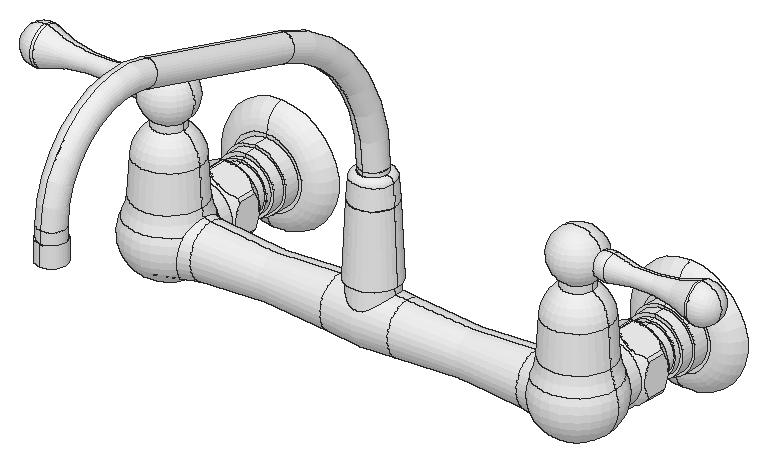
Revit family "Faucet-Two_Handle-American_Standard-Heritage-7298_Series", category Plumbing Fixtures, Revit 2015
Parameters (values of type "7298.152")
  Width = 0' - 2 3/4"
  Waste Connection = no
  WFU = 0
  Vent Connection = no
  URL = "http://www.americanstandard-us.com"
  Specification = "Wall-Mount Sink Faucet. 8\" tubular swivel spout. Brass Lever Handles. Less soap dish."
  Product URL = "https://www.americanstandard-us.com/bathroom/commercial-faucets/heritage-wall-mounted-faucet-with-swivel-spout-19895"
  Product Documentation Link = "https://www.americanstandard-us.com/-/media/sites/asus/files/product-specs/bulk/specsheet7298152.pdf?la=en"
  Porcelain Lever Handles = no
  Model = "7298.152"
  Material = "Metal-American Standard-002-Polished Chrome"
  Manufacturer = "American Standard"
  Length = 0' - 8"
  Hot Water Connection Diameter = 0' - 0 1/2"  # constant formula
  Height = 0' - 7"
  HWFU = 1.5
  HW Connection = yes
  Flow Rate = "1.5gmp/5.7L/min."
  Finish = Brass-American Standard-002-Polished Chrome
  Description = "Heritage Two-Handle Wall-Mounted Sink Faucet With Brass Spout."
  Default Elevation = 3' - 0"
  Cold Water Connection Diameter = 0' - 0 1/2"  # constant formula
  CWFU = 1.5
  CW Connection = yes
  Brass Lever Handles = yes
  Assembly Code = "D2020300"
  ADA Compliant = yes
Types (4): name | Specification | Product URL | Product Documentation Link | Porcelain Lever Handles | Model | Height | Flow Rate | Default Elevation | Brass Lever Handles
  (no name) | "Wall-Mount Sink Faucet. 8\" tubular swivel spout. Brass Lever Handles. Less soap dish." | "https://www.americanstandard-us.com/bathroom/commercial-faucets/heritage-wall-mounted-faucet-with-swivel-spout-19895" | "https://www.americanstandard-us.com/-/media/sites/asus/files/product-specs/bulk/specsheet7298152.pdf?la=en" | no | "7298.152" | 0' - 7" | "1.5gmp/5.7L/min." | 3' - 0" | yes
  7298.152 | "Wall-Mount Sink Faucet. 8\" tubular swivel spout. Brass Lever Handles. Less soap dish." | "https://www.americanstandard-us.com/bathroom/commercial-faucets/heritage-wall-mounted-faucet-with-swivel-spout-19895" | "https://www.americanstandard-us.com/-/media/sites/asus/files/product-specs/bulk/specsheet7298152.pdf?la=en" | no | "7298.152" | 0' - 7" | "1.5gmp/5.7L/min." | 3' - 0" | yes
  7298.252 | "Wall-Mount Sink Faucet. 8\" tubular swivel spout. Porcelain Lever Handles." | "https://www.americanstandard-us.com/kitchens/kitchen-faucets/heritage-2-handle-wall-mount-kitchen-faucet-16615" | "https://www.americanstandard-us.com/-/media/sites/asus/files/product-specs/bulk/specsheet7298252.pdf?la=en" | yes | "7298.252" | 0' - 7 3/8" | "2.2gmp/8.3L/min." | 0' - 0" | no
  7298.252.F15 | "Wall-Mount Sink Faucet. 8\" tubular swivel spout. Porcelain Lever Handles." | "https://www.americanstandard-us.com/kitchens/kitchen-faucets/heritage-2-handle-wall-mount-kitchen-faucet-16615" | "https://www.americanstandard-us.com/-/media/sites/asus/files/product-specs/bulk/specsheet7298252.pdf?la=en" | yes | "7298.252.F15" | 0' - 7 3/8" | "1.5gmp/5.7L/min." | 0' - 0" | no
Reference planes (in)
  plane 1 "Center (Front/Back)": y = 0
  plane 2: z = 0
  plane 3 "Center (Left/Right)": x = 0
  plane 4: y = 0
  plane 5: x = 4
  plane 6: x = -4
  plane 7: x = -6.8125
  plane 8: x = 6.8125
  plane 9: y = -2.75
  plane 10: y = -10.625
  plane 11: z = 39.4375
  plane 12: z = 38.4375
  plane 13: z = 4.375
  plane 14: z = 37.12314
  plane 15: y = -14.75
  plane 16: z = 7
  plane 17: z = 36
Forms (in)
  Revolve 1, solid, material "Brass-American Standard-002-Polished Chrome" <- "Finish"
    sketch origin (-0.05655, -2.75, 33.21807) x (-1, 0, 0) y (0, 0, 1)
      loop
        line (3.94345, 5.71302) -> (3.94345, 2.06684)
        arc (3.94345, 2.06684) -> (4.61211, 2.36475) -> (4.68283, 3.09334) r 0.72717
        arc (4.68283, 3.09334) -> (4.62113, 3.26088) -> (4.58614, 3.43595) r 1.14844
        line (4.58614, 3.43595) -> (4.54637, 4.14527)
        arc (4.54637, 4.14527) -> (4.45572, 4.44826) -> (4.23781, 4.67747) r 0.67996
        line (4.23781, 4.67747) -> (4.23781, 4.81966)
        arc (4.23781, 4.81966) -> (4.41709, 5.3739) -> (3.94345, 5.71302) r 0.49361
      axis (3.94345, 5.71302) -> (3.94345, 2.06684)
    angle from 0 to 360
  Revolve 2, solid, material "Brass-American Standard-002-Polished Chrome" <- "Finish", visible <- "Brass Lever Handles"
    sketch origin (0, -2.75, 33.21807) x (-1, 0, 0) y (0, 0, 1)
      loop
        line (4.27433, 5.21943) -> (6.8125, 5.21943)
        arc (6.8125, 5.21943) -> (6.69469, 5.49044) -> (6.41615, 5.58915) r 0.37061
        arc (6.41615, 5.58915) -> (6.39473, 5.58594) -> (6.37408, 5.5794) r 0.13707
        arc (6.37408, 5.5794) -> (5.54517, 5.38658) -> (4.69728, 5.45972) r 2.71623
        arc (4.69728, 5.45972) -> (4.43781, 5.42404) -> (4.27433, 5.21943) r 0.35304
      axis (4.27433, 5.21943) -> (6.8125, 5.21943)
    angle from 0 to 360
  Revolve 3, solid, material "Brass-American Standard-002-Polished Chrome" <- "Finish"
    sketch origin (-4, -17.63813, 33.21807) x (0, -1, 0) y (0, 0, 1)
      loop
        line (-15.42198, 2.78193) -> (-15.42198, 3.35217) -> (-15.72077, 3.35217)
        arc (-15.72077, 3.35217) -> (-15.78311, 3.41882) -> (-15.85996, 3.46805) r 0.36734
        line (-15.85996, 3.46805) -> (-16.21534, 3.46805)
        arc (-16.21534, 3.46805) -> (-16.29698, 3.42388) -> (-16.37045, 3.36716) r 0.57553
        line (-16.37045, 3.36716) -> (-16.37045, 3.22981) -> (-16.66412, 3.22981) -> (-16.66412, 3.27166) -> (-16.76497, 3.27166) -> (-16.76497, 3.3362) -> (-16.99096, 3.3362) -> (-16.99096, 3.39085) -> (-17.28208, 3.39085) -> (-17.28208, 3.46538)
        arc (-17.28208, 3.46538) -> (-17.39261, 3.73988) -> (-17.63813, 3.90507) r 0.50414
        line (-17.63813, 3.90507) -> (-17.63813, 2.78193) -> (-15.42198, 2.78193)
      axis (-15.42198, 2.78193) -> (-17.63813, 2.78193)
    angle from 0 to 360
  Revolve 4, solid, material "Brass-American Standard-002-Polished Chrome" <- "Finish"
    sketch origin (0, -2.75, 33.21807) x (1, 0, 0) y (0, 0, 1)
      loop
        line (0, 2.75013) -> (4, 2.75013) -> (4, 3.41749)
        arc (4, 3.41749) -> (3.59721, 3.31873) -> (3.18757, 3.25407) r 4.9431
        arc (3.18757, 3.25407) -> (1.92485, 3.17901) -> (0.66155, 3.24354) r 11.4628
        arc (0.66155, 3.24354) -> (0, 3.27872) -> (-0.66155, 3.24354) r 6.2387
        arc (-0.66155, 3.24354) -> (-1.92485, 3.17901) -> (-3.18757, 3.25407) r 11.4628
        arc (-3.18757, 3.25407) -> (-3.59721, 3.31873) -> (-4, 3.41749) r 4.9431
        line (-4, 3.41749) -> (-4, 2.75013) -> (0, 2.75013)
      axis (4, 2.75013) -> (-4, 2.75013)
    angle from 0 to 360
  Revolve 5, solid, material "Brass-American Standard-002-Polished Chrome" <- "Finish"
    sketch origin (0.05655, -2.75, 33.21807) x (1, 0, 0) y (0, 0, 1)
      loop
        line (3.94345, 5.71302) -> (3.94345, 2.06684)
        arc (3.94345, 2.06684) -> (4.61211, 2.36475) -> (4.68283, 3.09334) r 0.72717
        arc (4.68283, 3.09334) -> (4.62113, 3.26088) -> (4.58614, 3.43595) r 1.14844
        line (4.58614, 3.43595) -> (4.54637, 4.14527)
        arc (4.54637, 4.14527) -> (4.45572, 4.44826) -> (4.23781, 4.67747) r 0.67996
        line (4.23781, 4.67747) -> (4.23781, 4.81966)
        arc (4.23781, 4.81966) -> (4.41709, 5.3739) -> (3.94345, 5.71302) r 0.49361
      axis (3.94345, 5.71302) -> (3.94345, 2.06684)
    angle from 0 to 360
  Revolve 6, solid, material "Brass-American Standard-002-Polished Chrome" <- "Finish", visible <- "Brass Lever Handles"
    sketch origin (0, -2.75, 33.21807) x (1, 0, 0) y (0, 0, 1)
      loop
        line (4.27433, 5.21943) -> (6.8125, 5.21943)
        arc (6.8125, 5.21943) -> (6.69469, 5.49044) -> (6.41615, 5.58915) r 0.37061
        arc (6.41615, 5.58915) -> (6.39473, 5.58594) -> (6.37408, 5.5794) r 0.13707
        arc (6.37408, 5.5794) -> (5.54517, 5.38658) -> (4.69728, 5.45972) r 2.71623
        arc (4.69728, 5.45972) -> (4.43781, 5.42404) -> (4.27433, 5.21943) r 0.35304
      axis (4.27433, 5.21943) -> (6.8125, 5.21943)
    angle from 0 to 360
  Extrusion 7, void
    sketch origin (0, 0, 36) x (1, 0, 0) y (0, 0, 1)
      loop
        line (-4.00077, 0.70107) -> (-4.60973, 0.34949) -> (-4.60973, -0.35209) -> (-3.99946, -0.70443) -> (-3.38947, -0.35225) -> (-3.38947, 0.34813) -> (-4.00077, 0.70107)
      loop
        circle (-4, 0) r 0.78336
    from 1.91737 to 1.26768
  Revolve 8, solid, material "Brass-American Standard-002-Polished Chrome" <- "Finish"
    sketch origin (4, -17.63813, 33.21807) x (0, -1, 0) y (0, 0, -1)
      loop
        line (-15.42198, -2.78193) -> (-17.63813, -2.78193) -> (-17.63813, -3.90507)
        arc (-17.63813, -3.90507) -> (-17.39261, -3.73988) -> (-17.28208, -3.46538) r 0.50414
        line (-17.28208, -3.46538) -> (-17.28208, -3.39085) -> (-16.99096, -3.39085) -> (-16.99096, -3.3362) -> (-16.76497, -3.3362) -> (-16.76497, -3.27166) -> (-16.66412, -3.27166) -> (-16.66412, -3.22981) -> (-16.37045, -3.22981) -> (-16.37045, -3.36716)
        arc (-16.37045, -3.36716) -> (-16.29698, -3.42388) -> (-16.21534, -3.46805) r 0.57553
        line (-16.21534, -3.46805) -> (-15.85996, -3.46805)
        arc (-15.85996, -3.46805) -> (-15.78311, -3.41882) -> (-15.72077, -3.35217) r 0.36734
        line (-15.72077, -3.35217) -> (-15.42198, -3.35217) -> (-15.42198, -2.78193)
      axis (-15.42198, -2.78193) -> (-17.63813, -2.78193)
    angle from 0 to 360
  Extrusion 9, void
    sketch origin (0, 0, 36) x (-1, 0, 0) y (0, 0, -1)
      loop
        line (-4.00077, -0.70107) -> (-3.38947, -0.34813) -> (-3.38947, 0.35225) -> (-3.99946, 0.70443) -> (-4.60973, 0.35209) -> (-4.60973, -0.34949) -> (-4.00077, -0.70107)
      loop
        circle (-4, 0) r 0.78336
    from 1.91737 to 1.26768
  Revolve 10, solid, material "Brass-American Standard-002-Polished Chrome" <- "Finish"
    sketch origin (0, -2.75, 36) x (1, 0, 0) y (0, 0, 1)
      loop
        line (0, 0) -> (0.46964, 0)
        arc (0.46964, 0) -> (0.43648, 0.31331) -> (0.42155, 0.62801) r 5.42692
        line (0.42155, 0.62801) -> (0.48761, 0.62801) -> (0.41609, 1.99114) -> (0, 1.99114) -> (0, 0)
      loop
        line (0, 2.50553) -> (0, 2.00116) -> (0.41445, 2.00116) -> (0.39057, 2.38823)
        arc (0.39057, 2.38823) -> (0.35144, 2.4716) -> (0.26581, 2.50553) r 0.125
        line (0.26581, 2.50553) -> (0, 2.50553)
      axis (0, 2.50553) -> (0, 0)
    angle from 0 to 360
  Sweep 11, solid, material "Brass-American Standard-002-Polished Chrome" <- "Finish"
    path origin (0, -0.13999, 26.76451) x (0, -1, 0) y (0, 0, 1)
      loop
        line (10.48501, 13.79925) -> (10.48501, 14.22822)
        arc (10.48501, 14.22822) -> (9.77595, 15.63497) -> (8.22336, 15.90175) r 1.75
        line (8.22336, 15.90175) -> (4.87164, 14.87703)
        arc (4.87164, 14.87703) -> (3.2369, 13.72171) -> (2.61001, 11.82061) r 3.19607
        line (2.61001, 11.82061) -> (2.61001, 11.67299)
    profile origin (0, -6.68749, 42.1539) x (0, -0.292372, -0.956305) y (-1, 0, 0)
      loop
        circle (0, 0) r 0.25
  Revolve 12, solid, material "Brass-American Standard-002-Polished Chrome" <- "Finish"
    sketch origin (0, -2.74219, 35.92387) x (0, 1, 0) y (0, 0, 1)
      loop
        line (-7.875, 4.45113) -> (-7.875, 4.84728) -> (-8.15022, 4.84728) -> (-8.15022, 4.45113) -> (-7.875, 4.45113)
      axis (-7.875, 4.84728) -> (-7.875, 4.45113)
    angle from 0 to 360
  Revolve 13, solid, material "Brass-American Standard-002-Polished Chrome" <- "Finish", visible <- "Porcelain Lever Handles"
    sketch origin (-9.04169, -2.75, 35.88728) x (-1, 0, 0) y (0, 0, -1)
      loop
        line (-2.22919, -2.55022) -> (-4.85718, -2.55022) -> (-4.85718, -2.67855) -> (-4.60718, -2.67855)
        arc (-4.60718, -2.67855) -> (-4.46045, -2.70442) -> (-4.33142, -2.77892) r 0.429
        arc (-4.33142, -2.77892) -> (-4.27273, -2.8376) -> (-4.21405, -2.77892) r 0.05868
        line (-4.21405, -2.77892) -> (-3.87922, -2.77892)
        arc (-3.87922, -2.77892) -> (-3.3391, -2.83159) -> (-2.81933, -2.98763) r 2.79556
        arc (-2.81933, -2.98763) -> (-2.62171, -3.01531) -> (-2.43496, -2.94499) r 0.40382
        arc (-2.43496, -2.94499) -> (-2.28372, -2.77281) -> (-2.22919, -2.55022) r 0.48157
      axis (-4.85718, -2.55022) -> (-2.22919, -2.55022)
    angle from 0 to 360
  Revolve 14, solid, material "Brass-American Standard-002-Polished Chrome" <- "Finish", visible <- "Porcelain Lever Handles"
    sketch origin (9.04169, -2.75, 35.88728) x (1, 0, 0) y (0, 0, 1)
      loop
        arc (-2.22919, 2.55022) -> (-2.28372, 2.77281) -> (-2.43496, 2.94499) r 0.48157
        arc (-2.43496, 2.94499) -> (-2.62171, 3.01531) -> (-2.81933, 2.98763) r 0.40382
        arc (-2.81933, 2.98763) -> (-3.3391, 2.83159) -> (-3.87922, 2.77892) r 2.79556
        line (-3.87922, 2.77892) -> (-4.21405, 2.77892)
        arc (-4.21405, 2.77892) -> (-4.27273, 2.8376) -> (-4.33142, 2.77892) r 0.05868
        arc (-4.33142, 2.77892) -> (-4.46045, 2.70442) -> (-4.60718, 2.67855) r 0.429
        line (-4.60718, 2.67855) -> (-4.85718, 2.67855) -> (-4.85718, 2.55022) -> (-2.22919, 2.55022)
      axis (-4.85718, 2.55022) -> (-2.22919, 2.55022)
    angle from 0 to 360
Cuts and joins
  Extrusion 7, Extrusion 9 cuts Revolve 3
  Extrusion 9 cuts Revolve 8
Dimensions and locks (in)
  plane 9 to plane 10 = 0' - 7 7/8"
Connectors (in)
  piping at (4, 0, 36), diameter 0.5, driven by "CWFU", driven by "Cold Water Connection Diameter"
    settings: on cut or joined group of Revolve 8, Extrusion 9, index 1, connector inside diameter 24", connector length 0' - 0", flow factor 0, pipe flow 0 GPM, pressure drop 0.00 psi, fitting loss kfactor 0, connector angle 0.00°, fixture units 1.5, engagement length 0' - 0", angle of deflection 0.00°, flow configuration 3, flow direction 1, fitting loss method 0, system type 20, joint type 0, gender type 0, connector reference index -1, connector utility 0, adjustable connector no, is connector primary yes, connector description "1/2\" CW NPT Female Inlet Supply"
  piping at (-4, 0, 36), diameter 0.5, driven by "HWFU", driven by "Hot Water Connection Diameter"
    settings: on cut or joined group of Revolve 3, Extrusion 7, Extrusion 9, index 2, connector inside diameter 24", connector length 0' - 0", flow factor 0, pipe flow 0 GPM, pressure drop 0.00 psi, fitting loss kfactor 0, connector angle 0.00°, fixture units 1.5, engagement length 0' - 0", angle of deflection 0.00°, flow configuration 3, flow direction 1, fitting loss method 0, system type 19, joint type 0, gender type 0, connector reference index -1, connector utility 0, adjustable connector no, is connector primary no, connector description "1/2\" HW NPT Female Inlet Supply"
